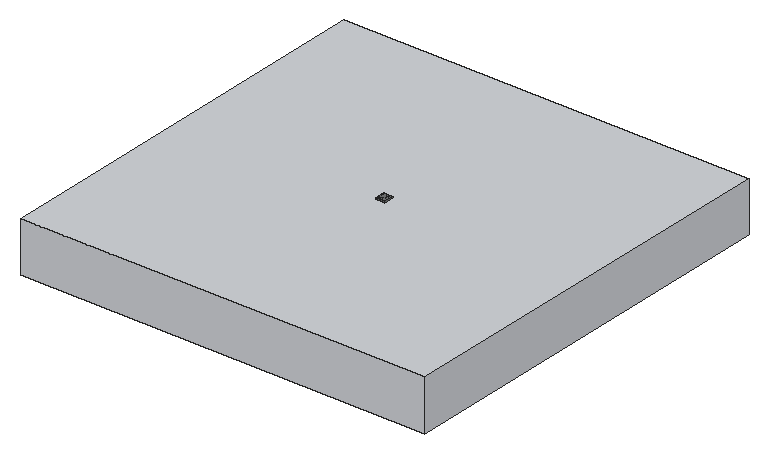
Revit family "Gira_277203", category Elektroinstallationen, Revit 2017
Family settings
  Basisbauteil = Fläche
  Beschriftungsausrichtung beibehalten = Nein
  Bemaßung runder Anschluss = Durchmesser verwenden
  Teiletyp = Normal
  Beim Laden mit Abzugskörper schneiden = Nein
  Gemeinsam genutzt = Nein
  Raumberechnungspunkt = Nein
Parameters (values of type "Rocker set 3-g in.sp. System 55 clear/p.white")
  With tap water circuit = no
  With sound indicator = no
  With signal lamp = no
  With receiver = no
  With orientation lighting = no
  With on/off switch = no
  With miniature fuse = no
  With loop through function = no
  With label area = no
  With hinged lid = no
  With heating = no
  With function lighting = no
  With exchangeable lens/symbol = no
  With display = no
  With child-protection = yes
  With built-in USB power supply = no
  With DCF77 = no
  Weather station = no
  Utilization = "Switch/push button"
  URL = "https://www.gira.de/"
  Typname = "Sock.BS Round Pin 5 A SH System 55 p.white"
  Type of power supply = "230 V AC"
  Type of fastening = "Mounting with screw"
  Transparent = no
  Thermal feedback = "None"
  Temperature readable = no
  Surface protection = "Other"
  Surface finishing = "Glossy"
  Suitable for touch sensor connector for bus system = no
  Suitable for degree of protection (IP) = "IP20"
  Special power supply = "No special power supply"
  Sensor/feeler type = "Other"
  Scannable symbol / barrier free = no
  Rotated central insert = no
  RAL-number (akin) = 9010
  RAL-number = 9010
  Protective earth pin round = no
  Protective contact = no
  Productwebsite = "http://katalog.gira.de/en/datenblatt.html?artikelnr=277203"
  Over voltage protection = no
  Other bus systems = "None"
  Operation = "Turn"
  Number of units = 1
  Number of socket outlets switchable = 0
  Number of modules (module system) = 1
  Number of channels = 3
  Nominal voltage [Volt] = 250
  Nominal current = 5 A
  Mounting method = "Flush mounted (plaster)"
  Monitoring window/light outlet = yes
  Model = "British Standard"
  Measuring range minimum value [m/s] = 5
  Measuring range maximum value [m/s] = 30
  Material quality = "Thermoplastic"
  Material = "Plastic"
  Lockable = no
  Label space/information surface = no
  Insulated mounting = no
  Imprint/indication = "Without imprint"
  Hersteller = "Gira"
  Heating = yes
  Halogen free = yes
  HAN = "277203"
  GTIN = "4010337079095"
  Für "erschwerte Bedingungen" (nach VDE) (*de-DE) = no
  Fault current protection = no
  External sensor = no
  Explosion-proof = no
  Eject-mechanism = no
  Degree of protection (IP) = "IP20"
  Data sheet = "https://katalog.gira.de/en/download.html?artikelnr=277203"
  Cooling = no
  Control characteristic = "Other"
  Contact type = "Change-over contact"
  Connection type = "Screwed terminal"
  Connection = "Two-wire"
  Colour = "White"
  Bus system radio frequent = no
  Bus system Powernet = no
  Bus system LON = no
  Bus system KNX radio = no
  Bus system KNX = yes
  Bus connection included = no
  Beschreibung = "Sock.BS Round Pin 5A SH Sys55 PW,Socket outlet British Standard (BS 546) Round Pin 5 A 250 V~ with shutter,System 55, Support ring 71 x 71 mm,pure white glossy,Features:,- With screw terminals.,- For screw mounting only."
  Bauelement = "Sys55_Abdeckung_Schalten und Tasten"
  Default Elevation = 1219.2 mm
  BIM = "https://media.stage.bim.site/public/gira/ad86d9f/Sys55_Abdeckung_Schalten%20und%20Tasten.rfa?public/gira/ad86d9f/Sys55_Abdeckung_Schalten und Tasten.rfa"
  Antibacterial treatment = no
  Anthrazit [instance] = Anthrazit
  Analogue input = no
  Adjustable differential = no
  Acoustic signal = yes
Types (2, lengths in mm): name | Bauelement
  Rocker set 3-g in.sp. System 55 clear/p.white | "Sys55_Abdeckung_Schalten und Tasten"
  Sys55_Abdeckung_Schalten und Tasten | 0
Reference planes
  plane 1 "Center (Front/Back)": y = 0
  plane 2: z = 0
  plane 3 "Center (Left/Right)": x = 0
Forms (mm)
  Extrusion 1, solid
    sketch origin (0, 0, 0) x (1, 0, 0) y (0, 1, 0)
      loop
        line (-1219.2, 1219.2) -> (-1219.2, -1219.2) -> (1219.2, -1219.2) -> (1219.2, 1219.2) -> (-1219.2, 1219.2)
    from 0 to -304.8
  Extrusion 2, solid, material "Anthrazit" <- "Anthrazit", detail levels fine
    sketch origin (0, 0, 0) x (1, 0, 0) y (0, 1, 0)
      loop
        line (-27.5, 27.5) -> (-27.5, -27.5) -> (27.5, -27.5) -> (27.5, 27.5) -> (-27.5, 27.5)
    from 0 to 8
  Extrusion 3, void
    sketch origin (0, 0, 0) x (1, 0, 0) y (0, 1, 0)
      loop
        line (26, 26) -> (-26, 26) -> (-26, -26) -> (26, -26) -> (26, 26)
    from 0 to 6
  Extrusion 4, solid, material "Anthrazit" <- "Anthrazit", detail levels medium
    sketch origin (0, 0, 0) x (1, 0, 0) y (0, 1, 0)
      loop
        line (-27.5, 27.5) -> (-27.5, -27.5) -> (27.5, -27.5) -> (27.5, 27.5) -> (-27.5, 27.5)
    from 0 to 8
  Extrusion 5, solid, material "Anthrazit" <- "Anthrazit", detail levels medium
    sketch origin (0, 0, 0) x (1, 0, 0) y (0, 1, 0)
      loop
        line (11, -17.5) -> (11, 17.5) -> (-11, 17.5) -> (-11, -17.5) -> (11, -17.5)
    from -6 to 6
  Extrusion 6, solid, material "Anthrazit" <- "Anthrazit", detail levels fine
    sketch origin (0, 0, 0) x (1, 0, 0) y (0, 1, 0)
      loop
        line (11, 17.5) -> (-11, 17.5) -> (-11, 16.5) -> (11, 16.5) -> (11, 17.5)
      loop
        line (-11, -16.5) -> (-11, -17.5) -> (11, -17.5) -> (11, -16.5) -> (-11, -16.5)
    from -4 to 6
  Extrusion 7, solid, material "Anthrazit" <- "Anthrazit", detail levels fine
    sketch origin (0, 0, 0) x (1, 0, 0) y (0, 1, 0)
      loop
        arc (5, 9.347) -> (0, 10.6) -> (-5, 9.347) r 10.6
        line (-5, 9.347) -> (-5, -9.347)
        arc (-5, -9.347) -> (0, -10.6) -> (5, -9.347) r 10.6
        line (5, -9.347) -> (5, 9.347)
    from -6 to 6
  Extrusion 8, solid, material "Anthrazit" <- "Anthrazit", detail levels coarse
    sketch origin (0, 0, 0) x (1, 0, 0) y (0, 1, 0)
      loop
        line (-27.5, 27.5) -> (-27.5, -27.5) -> (27.5, -27.5) -> (27.5, 27.5) -> (-27.5, 27.5)
    from -6 to 8
Cuts and joins
  Extrusion 3 cuts Extrusion 2
Dimensions and locks
  aligned and locked: plane 2 to Extrusion 1
  aligned and locked: level to Extrusion 1
